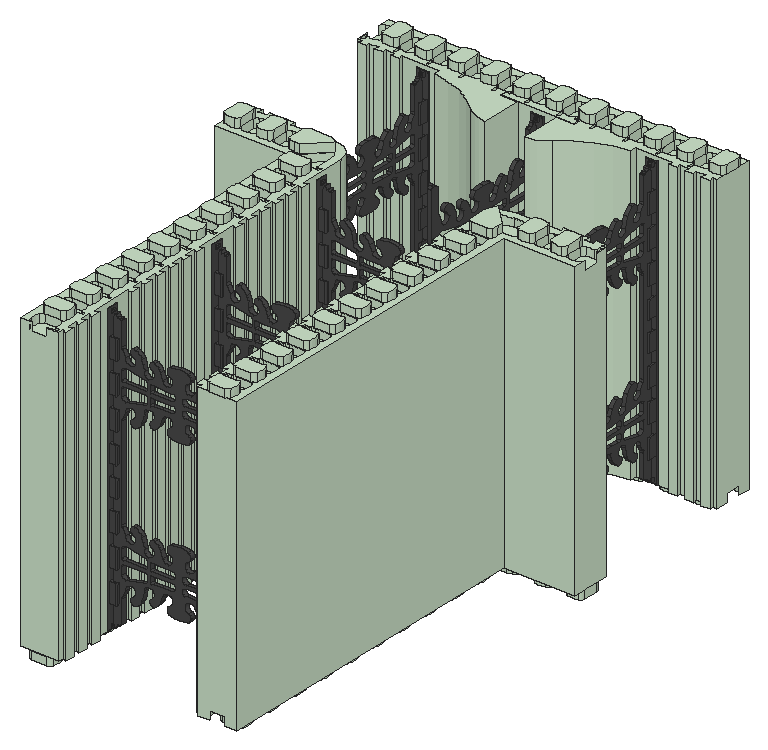
Revit family "ICF- NUDURA 8-inch- Long T Form Unit- Imperial", category Generic Models, Revit 2011 (continued)
Forms (in)
  Extrusion 46, void
    sketch origin (2, 8, 0) x (-1, 0, 0) y (0, -1, 0)
      loop
        line (-3.97692, 25.99998) -> (-4.89808, 25.99998)
        arc (-4.89808, 25.99998) -> (-5.04517, 25.95213) -> (-5.13595, 25.8269) r 0.25
        arc (-5.13595, 25.8269) -> (-5.1875, 25.49998) -> (-5.13595, 25.17306) r 1.0625
    from 0 to 0.5
  Extrusion 47, void
    sketch origin (2, 10, 0) x (-1, 0, 0) y (0, -1, 0)
      loop
        arc (-5.13595, 25.17306) -> (-5.04517, 25.04783) -> (-4.89808, 24.99998) r 0.25
        line (-4.89808, 24.99998) -> (-3.97692, 24.99998)
        arc (-3.97692, 24.99998) -> (-3.82983, 25.04783) -> (-3.73905, 25.17306) r 0.25
        arc (-3.73905, 25.17306) -> (-3.69045, 25.4209) -> (-3.70172, 25.67321) r 1.0625
        arc (-3.70172, 25.67321) -> (-3.68771, 25.72383) -> (-3.64005, 25.7459) r 0.0625
        line (-3.64005, 25.7459) -> (-3.41845, 25.7459) -> (-3.41845, 25.91673) -> (-3.76455, 25.91673)
        arc (-3.76455, 25.91673) -> (-3.78736, 25.92104) -> (-3.80702, 25.93338) r 0.0625
        arc (-3.80702, 25.93338) -> (-3.88568, 25.98274) -> (-3.97692, 25.99998) r 0.25
        line (-3.97692, 25.99998) -> (-4.89808, 25.99998)
        arc (-4.89808, 25.99998) -> (-5.04517, 25.95213) -> (-5.13595, 25.8269) r 0.25
        arc (-5.13595, 25.8269) -> (-5.1875, 25.49998) -> (-5.13595, 25.17306) r 1.0625
    from 0 to 0.5
  Extrusion 48, void
    sketch origin (2, 12, 0) x (-1, 0, 0) y (0, -1, 0)
      loop
        arc (-5.13595, 25.17306) -> (-5.04517, 25.04783) -> (-4.89808, 24.99998) r 0.25
        line (-4.89808, 24.99998) -> (-3.97692, 24.99998)
        arc (-3.97692, 24.99998) -> (-3.82983, 25.04783) -> (-3.73905, 25.17306) r 0.25
        arc (-3.73905, 25.17306) -> (-3.69045, 25.4209) -> (-3.70172, 25.67321) r 1.0625
        arc (-3.70172, 25.67321) -> (-3.68771, 25.72383) -> (-3.64005, 25.7459) r 0.0625
        line (-3.64005, 25.7459) -> (-3.41845, 25.7459) -> (-3.41845, 25.91673) -> (-3.76455, 25.91673)
        arc (-3.76455, 25.91673) -> (-3.78736, 25.92104) -> (-3.80702, 25.93338) r 0.0625
        arc (-3.80702, 25.93338) -> (-3.88568, 25.98274) -> (-3.97692, 25.99998) r 0.25
        line (-3.97692, 25.99998) -> (-4.89808, 25.99998)
        arc (-4.89808, 25.99998) -> (-5.04517, 25.95213) -> (-5.13595, 25.8269) r 0.25
        arc (-5.13595, 25.8269) -> (-5.1875, 25.49998) -> (-5.13595, 25.17306) r 1.0625
    from 0 to 0.5
  Extrusion 49, void
    sketch origin (2, 14, 0) x (-1, 0, 0) y (0, -1, 0)
      loop
        arc (-5.13595, 25.17306) -> (-5.04517, 25.04783) -> (-4.89808, 24.99998) r 0.25
        line (-4.89808, 24.99998) -> (-3.97692, 24.99998)
        arc (-3.97692, 24.99998) -> (-3.82983, 25.04783) -> (-3.73905, 25.17306) r 0.25
        arc (-3.73905, 25.17306) -> (-3.69045, 25.4209) -> (-3.70172, 25.67321) r 1.0625
        arc (-3.70172, 25.67321) -> (-3.68771, 25.72383) -> (-3.64005, 25.7459) r 0.0625
        line (-3.64005, 25.7459) -> (-3.41845, 25.7459) -> (-3.41845, 25.91673) -> (-3.76455, 25.91673)
        arc (-3.76455, 25.91673) -> (-3.78736, 25.92104) -> (-3.80702, 25.93338) r 0.0625
        arc (-3.80702, 25.93338) -> (-3.88568, 25.98274) -> (-3.97692, 25.99998) r 0.25
        line (-3.97692, 25.99998) -> (-4.89808, 25.99998)
        arc (-4.89808, 25.99998) -> (-5.04517, 25.95213) -> (-5.13595, 25.8269) r 0.25
        arc (-5.13595, 25.8269) -> (-5.1875, 25.49998) -> (-5.13595, 25.17306) r 1.0625
    from 0 to 0.5
  Extrusion 50, void
    sketch origin (2, 16, 0) x (-1, 0, 0) y (0, -1, 0)
      loop
        arc (-5.13595, 25.17306) -> (-5.04517, 25.04783) -> (-4.89808, 24.99998) r 0.25
        line (-4.89808, 24.99998) -> (-3.97692, 24.99998)
        arc (-3.97692, 24.99998) -> (-3.82983, 25.04783) -> (-3.73905, 25.17306) r 0.25
        arc (-3.73905, 25.17306) -> (-3.69045, 25.4209) -> (-3.70172, 25.67321) r 1.0625
        arc (-3.70172, 25.67321) -> (-3.68771, 25.72383) -> (-3.64005, 25.7459) r 0.0625
        line (-3.64005, 25.7459) -> (-3.41845, 25.7459) -> (-3.41845, 25.91673) -> (-3.76455, 25.91673)
        arc (-3.76455, 25.91673) -> (-3.78736, 25.92104) -> (-3.80702, 25.93338) r 0.0625
        arc (-3.80702, 25.93338) -> (-3.88568, 25.98274) -> (-3.97692, 25.99998) r 0.25
        line (-3.97692, 25.99998) -> (-4.89808, 25.99998)
        arc (-4.89808, 25.99998) -> (-5.04517, 25.95213) -> (-5.13595, 25.8269) r 0.25
        arc (-5.13595, 25.8269) -> (-5.1875, 25.49998) -> (-5.13595, 25.17306) r 1.0625
    from 0 to 0.5
  Extrusion 51, void
    sketch origin (2.00002, -1.99998, 0) x (0, -1, 0) y (1, 0, 0)
      loop
        arc (5.67323, 3.7017) -> (5.72385, 3.68769) -> (5.74592, 3.64003) r 0.0625
        line (5.74592, 3.64003) -> (5.74592, 3.41844) -> (5.91675, 3.41844) -> (5.91675, 3.76453)
        arc (5.91675, 3.76453) -> (5.92106, 3.78734) -> (5.9334, 3.807) r 0.0625
        arc (5.9334, 3.807) -> (5.98276, 3.88566) -> (6, 3.9769) r 0.25
        line (6, 3.9769) -> (6, 4.89806)
        arc (6, 4.89806) -> (5.95215, 5.04515) -> (5.82692, 5.13593) r 0.25
        arc (5.82692, 5.13593) -> (5.66548, 5.17452) -> (5.5, 5.18748) r 1.0625
        line (5.5, 5.18748) -> (5.1875, 5.18748) -> (3.98039, 3.98037)
        arc (3.98039, 3.98037) -> (4.30482, 3.7636) -> (4.6875, 3.68748) r 1
        line (4.6875, 3.68748) -> (5.5, 3.68748)
        arc (5.5, 3.68748) -> (5.58691, 3.69104) -> (5.67323, 3.7017) r 1.0625
    from 0 to 0.5
  Extrusion 52, void
    sketch origin (33.99998, -1.99998, 0) x (0, 1, 0) y (-1, 0, 0)
      loop
        arc (-5.13595, 25.17306) -> (-5.04517, 25.04783) -> (-4.89808, 24.99998) r 0.25
        line (-4.89808, 24.99998) -> (-3.97692, 24.99998)
        arc (-3.97692, 24.99998) -> (-3.82983, 25.04783) -> (-3.73905, 25.17306) r 0.25
        arc (-3.73905, 25.17306) -> (-3.69045, 25.4209) -> (-3.70172, 25.67321) r 1.0625
        arc (-3.70172, 25.67321) -> (-3.68771, 25.72383) -> (-3.64005, 25.7459) r 0.0625
        line (-3.64005, 25.7459) -> (-3.41845, 25.7459) -> (-3.41845, 25.91673) -> (-3.76455, 25.91673)
        arc (-3.76455, 25.91673) -> (-3.78736, 25.92104) -> (-3.80702, 25.93338) r 0.0625
        arc (-3.80702, 25.93338) -> (-3.88568, 25.98274) -> (-3.97692, 25.99998) r 0.25
        line (-3.97692, 25.99998) -> (-4.89808, 25.99998)
        arc (-4.89808, 25.99998) -> (-5.04517, 25.95213) -> (-5.13595, 25.8269) r 0.25
        arc (-5.13595, 25.8269) -> (-5.1875, 25.49998) -> (-5.13595, 25.17306) r 1.0625
    from 0 to 0.5
  Extrusion 53, void
    sketch origin (35.99998, -1.99998, 0) x (0, 1, 0) y (-1, 0, 0)
      loop
        arc (-5.13595, 25.17306) -> (-5.04517, 25.04783) -> (-4.89808, 24.99998) r 0.25
        line (-4.89808, 24.99998) -> (-3.97692, 24.99998)
        arc (-3.97692, 24.99998) -> (-3.82983, 25.04783) -> (-3.73905, 25.17306) r 0.25
        arc (-3.73905, 25.17306) -> (-3.69045, 25.4209) -> (-3.70172, 25.67321) r 1.0625
        arc (-3.70172, 25.67321) -> (-3.68771, 25.72383) -> (-3.64005, 25.7459) r 0.0625
        line (-3.64005, 25.7459) -> (-3.41845, 25.7459) -> (-3.41845, 25.91673) -> (-3.76455, 25.91673)
        arc (-3.76455, 25.91673) -> (-3.78736, 25.92104) -> (-3.80702, 25.93338) r 0.0625
        arc (-3.80702, 25.93338) -> (-3.88568, 25.98274) -> (-3.97692, 25.99998) r 0.25
        line (-3.97692, 25.99998) -> (-4.89808, 25.99998)
        arc (-4.89808, 25.99998) -> (-5.04517, 25.95213) -> (-5.13595, 25.8269) r 0.25
        arc (-5.13595, 25.8269) -> (-5.1875, 25.49998) -> (-5.13595, 25.17306) r 1.0625
    from 0 to 0.5
  Extrusion 54, void
    sketch origin (15.99998, -0.00002, 0) x (0, -1, 0) y (1, 0, 0)
      loop
        arc (-5.13595, -25.17306) -> (-5.1875, -25.49998) -> (-5.13595, -25.8269) r 1.0625
        arc (-5.13595, -25.8269) -> (-5.04517, -25.95213) -> (-4.89808, -25.99998) r 0.25
        line (-4.89808, -25.99998) -> (-3.97692, -25.99998)
        arc (-3.97692, -25.99998) -> (-3.88568, -25.98274) -> (-3.80702, -25.93338) r 0.25
        arc (-3.80702, -25.93338) -> (-3.78736, -25.92104) -> (-3.76455, -25.91673) r 0.0625
        line (-3.76455, -25.91673) -> (-3.41845, -25.91673) -> (-3.41845, -25.7459) -> (-3.64005, -25.7459)
        arc (-3.64005, -25.7459) -> (-3.68771, -25.72383) -> (-3.70172, -25.67321) r 0.0625
        arc (-3.70172, -25.67321) -> (-3.69045, -25.4209) -> (-3.73905, -25.17306) r 1.0625
        arc (-3.73905, -25.17306) -> (-3.82983, -25.04783) -> (-3.97692, -24.99998) r 0.25
        line (-3.97692, -24.99998) -> (-4.89808, -24.99998)
        arc (-4.89808, -24.99998) -> (-5.04517, -25.04783) -> (-5.13595, -25.17306) r 0.25
    from 18 to 17.5
  Extrusion 55, void
    sketch origin (17.99998, -0.00002, 0) x (0, -1, 0) y (1, 0, 0)
      loop
        arc (-5.13595, -25.17306) -> (-5.1875, -25.49998) -> (-5.13595, -25.8269) r 1.0625
        arc (-5.13595, -25.8269) -> (-5.04517, -25.95213) -> (-4.89808, -25.99998) r 0.25
        line (-4.89808, -25.99998) -> (-3.97692, -25.99998)
        arc (-3.97692, -25.99998) -> (-3.88568, -25.98274) -> (-3.80702, -25.93338) r 0.25
        arc (-3.80702, -25.93338) -> (-3.78736, -25.92104) -> (-3.76455, -25.91673) r 0.0625
        line (-3.76455, -25.91673) -> (-3.41845, -25.91673) -> (-3.41845, -25.7459) -> (-3.64005, -25.7459)
        arc (-3.64005, -25.7459) -> (-3.68771, -25.72383) -> (-3.70172, -25.67321) r 0.0625
        arc (-3.70172, -25.67321) -> (-3.69045, -25.4209) -> (-3.73905, -25.17306) r 1.0625
        arc (-3.73905, -25.17306) -> (-3.82983, -25.04783) -> (-3.97692, -24.99998) r 0.25
        line (-3.97692, -24.99998) -> (-4.89808, -24.99998)
        arc (-4.89808, -24.99998) -> (-5.04517, -25.04783) -> (-5.13595, -25.17306) r 0.25
    from 18 to 17.5
  Extrusion 56, void
    sketch origin (19.99998, -0.00002, 0) x (0, -1, 0) y (1, 0, 0)
      loop
        arc (-5.13595, -25.17306) -> (-5.1875, -25.49998) -> (-5.13595, -25.8269) r 1.0625
        arc (-5.13595, -25.8269) -> (-5.04517, -25.95213) -> (-4.89808, -25.99998) r 0.25
        line (-4.89808, -25.99998) -> (-3.97692, -25.99998)
        arc (-3.97692, -25.99998) -> (-3.88568, -25.98274) -> (-3.80702, -25.93338) r 0.25
        arc (-3.80702, -25.93338) -> (-3.78736, -25.92104) -> (-3.76455, -25.91673) r 0.0625
        line (-3.76455, -25.91673) -> (-3.41845, -25.91673) -> (-3.41845, -25.7459) -> (-3.64005, -25.7459)
        arc (-3.64005, -25.7459) -> (-3.68771, -25.72383) -> (-3.70172, -25.67321) r 0.0625
        arc (-3.70172, -25.67321) -> (-3.69045, -25.4209) -> (-3.73905, -25.17306) r 1.0625
        arc (-3.73905, -25.17306) -> (-3.82983, -25.04783) -> (-3.97692, -24.99998) r 0.25
        line (-3.97692, -24.99998) -> (-4.89808, -24.99998)
        arc (-4.89808, -24.99998) -> (-5.04517, -25.04783) -> (-5.13595, -25.17306) r 0.25
    from 18 to 17.5
  Extrusion 57, void
    sketch origin (21.99998, -0.00002, 0) x (0, -1, 0) y (1, 0, 0)
      loop
        arc (-5.13595, -25.17306) -> (-5.1875, -25.49998) -> (-5.13595, -25.8269) r 1.0625
        arc (-5.13595, -25.8269) -> (-5.04517, -25.95213) -> (-4.89808, -25.99998) r 0.25
        line (-4.89808, -25.99998) -> (-3.97692, -25.99998)
        arc (-3.97692, -25.99998) -> (-3.88568, -25.98274) -> (-3.80702, -25.93338) r 0.25
        arc (-3.80702, -25.93338) -> (-3.78736, -25.92104) -> (-3.76455, -25.91673) r 0.0625
        line (-3.76455, -25.91673) -> (-3.41845, -25.91673) -> (-3.41845, -25.7459) -> (-3.64005, -25.7459)
        arc (-3.64005, -25.7459) -> (-3.68771, -25.72383) -> (-3.70172, -25.67321) r 0.0625
        arc (-3.70172, -25.67321) -> (-3.69045, -25.4209) -> (-3.73905, -25.17306) r 1.0625
        arc (-3.73905, -25.17306) -> (-3.82983, -25.04783) -> (-3.97692, -24.99998) r 0.25
        line (-3.97692, -24.99998) -> (-4.89808, -24.99998)
        arc (-4.89808, -24.99998) -> (-5.04517, -25.04783) -> (-5.13595, -25.17306) r 0.25
    from 18 to 17.5
  Extrusion 58, void
    sketch origin (23.99998, -0.00002, 0) x (0, -1, 0) y (1, 0, 0)
      loop
        arc (-5.13595, -25.17306) -> (-5.1875, -25.49998) -> (-5.13595, -25.8269) r 1.0625
        arc (-5.13595, -25.8269) -> (-5.04517, -25.95213) -> (-4.89808, -25.99998) r 0.25
        line (-4.89808, -25.99998) -> (-3.97692, -25.99998)
        arc (-3.97692, -25.99998) -> (-3.88568, -25.98274) -> (-3.80702, -25.93338) r 0.25
        arc (-3.80702, -25.93338) -> (-3.78736, -25.92104) -> (-3.76455, -25.91673) r 0.0625
        line (-3.76455, -25.91673) -> (-3.41845, -25.91673) -> (-3.41845, -25.7459) -> (-3.64005, -25.7459)
        arc (-3.64005, -25.7459) -> (-3.68771, -25.72383) -> (-3.70172, -25.67321) r 0.0625
        arc (-3.70172, -25.67321) -> (-3.69045, -25.4209) -> (-3.73905, -25.17306) r 1.0625
        arc (-3.73905, -25.17306) -> (-3.82983, -25.04783) -> (-3.97692, -24.99998) r 0.25
        line (-3.97692, -24.99998) -> (-4.89808, -24.99998)
        arc (-4.89808, -24.99998) -> (-5.04517, -25.04783) -> (-5.13595, -25.17306) r 0.25
    from 18 to 17.5
  Extrusion 59, void
    sketch origin (29.99998, -0.00002, 0) x (0, -1, 0) y (1, 0, 0)
      loop
        arc (-5.13595, -25.17306) -> (-5.1875, -25.49998) -> (-5.13595, -25.8269) r 1.0625
        arc (-5.13595, -25.8269) -> (-5.04517, -25.95213) -> (-4.89808, -25.99998) r 0.25
        line (-4.89808, -25.99998) -> (-3.97692, -25.99998)
        arc (-3.97692, -25.99998) -> (-3.88568, -25.98274) -> (-3.80702, -25.93338) r 0.25
        arc (-3.80702, -25.93338) -> (-3.78736, -25.92104) -> (-3.76455, -25.91673) r 0.0625
        line (-3.76455, -25.91673) -> (-3.41845, -25.91673) -> (-3.41845, -25.7459) -> (-3.64005, -25.7459)
        arc (-3.64005, -25.7459) -> (-3.68771, -25.72383) -> (-3.70172, -25.67321) r 0.0625
        arc (-3.70172, -25.67321) -> (-3.69045, -25.4209) -> (-3.73905, -25.17306) r 1.0625
        arc (-3.73905, -25.17306) -> (-3.82983, -25.04783) -> (-3.97692, -24.99998) r 0.25
        line (-3.97692, -24.99998) -> (-4.89808, -24.99998)
        arc (-4.89808, -24.99998) -> (-5.04517, -25.04783) -> (-5.13595, -25.17306) r 0.25
    from 18 to 17.5
  Extrusion 60, void
    sketch origin (31.99998, -0.00002, 0) x (0, -1, 0) y (1, 0, 0)
      loop
        arc (-5.13595, -25.17306) -> (-5.1875, -25.49998) -> (-5.13595, -25.8269) r 1.0625
        arc (-5.13595, -25.8269) -> (-5.04517, -25.95213) -> (-4.89808, -25.99998) r 0.25
        line (-4.89808, -25.99998) -> (-3.97692, -25.99998)
        arc (-3.97692, -25.99998) -> (-3.88568, -25.98274) -> (-3.80702, -25.93338) r 0.25
        arc (-3.80702, -25.93338) -> (-3.78736, -25.92104) -> (-3.76455, -25.91673) r 0.0625
        line (-3.76455, -25.91673) -> (-3.41845, -25.91673) -> (-3.41845, -25.7459) -> (-3.64005, -25.7459)
        arc (-3.64005, -25.7459) -> (-3.68771, -25.72383) -> (-3.70172, -25.67321) r 0.0625
        arc (-3.70172, -25.67321) -> (-3.69045, -25.4209) -> (-3.73905, -25.17306) r 1.0625
        arc (-3.73905, -25.17306) -> (-3.82983, -25.04783) -> (-3.97692, -24.99998) r 0.25
        line (-3.97692, -24.99998) -> (-4.89808, -24.99998)
        arc (-4.89808, -24.99998) -> (-5.04517, -25.04783) -> (-5.13595, -25.17306) r 0.25
    from 18 to 17.5
  Extrusion 61, void
    sketch origin (33.99998, -0.00002, 0) x (0, -1, 0) y (1, 0, 0)
      loop
        arc (-5.13595, -25.17306) -> (-5.1875, -25.49998) -> (-5.13595, -25.8269) r 1.0625
        arc (-5.13595, -25.8269) -> (-5.04517, -25.95213) -> (-4.89808, -25.99998) r 0.25
        line (-4.89808, -25.99998) -> (-3.97692, -25.99998)
        arc (-3.97692, -25.99998) -> (-3.88568, -25.98274) -> (-3.80702, -25.93338) r 0.25
        arc (-3.80702, -25.93338) -> (-3.78736, -25.92104) -> (-3.76455, -25.91673) r 0.0625
        line (-3.76455, -25.91673) -> (-3.41845, -25.91673) -> (-3.41845, -25.7459) -> (-3.64005, -25.7459)
        arc (-3.64005, -25.7459) -> (-3.68771, -25.72383) -> (-3.70172, -25.67321) r 0.0625
        arc (-3.70172, -25.67321) -> (-3.69045, -25.4209) -> (-3.73905, -25.17306) r 1.0625
        arc (-3.73905, -25.17306) -> (-3.82983, -25.04783) -> (-3.97692, -24.99998) r 0.25
        line (-3.97692, -24.99998) -> (-4.89808, -24.99998)
        arc (-4.89808, -24.99998) -> (-5.04517, -25.04783) -> (-5.13595, -25.17306) r 0.25
    from 18 to 17.5
  Extrusion 62, void
    sketch origin (35.99998, -0.00002, 0) x (0, -1, 0) y (1, 0, 0)
      loop
        arc (-5.13595, -25.17306) -> (-5.1875, -25.49998) -> (-5.13595, -25.8269) r 1.0625
        arc (-5.13595, -25.8269) -> (-5.04517, -25.95213) -> (-4.89808, -25.99998) r 0.25
        line (-4.89808, -25.99998) -> (-3.97692, -25.99998)
        arc (-3.97692, -25.99998) -> (-3.88568, -25.98274) -> (-3.80702, -25.93338) r 0.25
        arc (-3.80702, -25.93338) -> (-3.78736, -25.92104) -> (-3.76455, -25.91673) r 0.0625
        line (-3.76455, -25.91673) -> (-3.41845, -25.91673) -> (-3.41845, -25.7459) -> (-3.64005, -25.7459)
        arc (-3.64005, -25.7459) -> (-3.68771, -25.72383) -> (-3.70172, -25.67321) r 0.0625
        arc (-3.70172, -25.67321) -> (-3.69045, -25.4209) -> (-3.73905, -25.17306) r 1.0625
        arc (-3.73905, -25.17306) -> (-3.82983, -25.04783) -> (-3.97692, -24.99998) r 0.25
        line (-3.97692, -24.99998) -> (-4.89808, -24.99998)
        arc (-4.89808, -24.99998) -> (-5.04517, -25.04783) -> (-5.13595, -25.17306) r 0.25
    from 18 to 17.5
  Extrusion 63, void
    sketch origin (-33.99998, -0.00002, 0) x (0, -1, 0) y (1, 0, 0)
      loop
        arc (-5.13595, 25.17306) -> (-5.04517, 25.04783) -> (-4.89808, 24.99998) r 0.25
        line (-4.89808, 24.99998) -> (-3.97692, 24.99998)
        arc (-3.97692, 24.99998) -> (-3.82983, 25.04783) -> (-3.73905, 25.17306) r 0.25
        arc (-3.73905, 25.17306) -> (-3.69045, 25.4209) -> (-3.70172, 25.67321) r 1.0625
        arc (-3.70172, 25.67321) -> (-3.68771, 25.72383) -> (-3.64005, 25.7459) r 0.0625
        line (-3.64005, 25.7459) -> (-3.41845, 25.7459) -> (-3.41845, 25.91673) -> (-3.76455, 25.91673)
        arc (-3.76455, 25.91673) -> (-3.78736, 25.92104) -> (-3.80702, 25.93338) r 0.0625
        arc (-3.80702, 25.93338) -> (-3.88568, 25.98274) -> (-3.97692, 25.99998) r 0.25
        line (-3.97692, 25.99998) -> (-4.89808, 25.99998)
        arc (-4.89808, 25.99998) -> (-5.04517, 25.95213) -> (-5.13595, 25.8269) r 0.25
        arc (-5.13595, 25.8269) -> (-5.1875, 25.49998) -> (-5.13595, 25.17306) r 1.0625
    from 0 to 0.5
  Extrusion 64, void
    sketch origin (-31.99998, -0.00002, 0) x (0, -1, 0) y (1, 0, 0)
      loop
        arc (-5.13595, 25.17306) -> (-5.04517, 25.04783) -> (-4.89808, 24.99998) r 0.25
        line (-4.89808, 24.99998) -> (-3.97692, 24.99998)
        arc (-3.97692, 24.99998) -> (-3.82983, 25.04783) -> (-3.73905, 25.17306) r 0.25
        arc (-3.73905, 25.17306) -> (-3.69045, 25.4209) -> (-3.70172, 25.67321) r 1.0625
        arc (-3.70172, 25.67321) -> (-3.68771, 25.72383) -> (-3.64005, 25.7459) r 0.0625
        line (-3.64005, 25.7459) -> (-3.41845, 25.7459) -> (-3.41845, 25.91673) -> (-3.76455, 25.91673)
        arc (-3.76455, 25.91673) -> (-3.78736, 25.92104) -> (-3.80702, 25.93338) r 0.0625
        arc (-3.80702, 25.93338) -> (-3.88568, 25.98274) -> (-3.97692, 25.99998) r 0.25
        line (-3.97692, 25.99998) -> (-4.89808, 25.99998)
        arc (-4.89808, 25.99998) -> (-5.04517, 25.95213) -> (-5.13595, 25.8269) r 0.25
        arc (-5.13595, 25.8269) -> (-5.1875, 25.49998) -> (-5.13595, 25.17306) r 1.0625
    from 0 to 0.5
  Extrusion 65, void
    sketch origin (-29.99998, -0.00002, 0) x (0, -1, 0) y (1, 0, 0)
      loop
        arc (-5.13595, 25.17306) -> (-5.04517, 25.04783) -> (-4.89808, 24.99998) r 0.25
        line (-4.89808, 24.99998) -> (-3.97692, 24.99998)
        arc (-3.97692, 24.99998) -> (-3.82983, 25.04783) -> (-3.73905, 25.17306) r 0.25
        arc (-3.73905, 25.17306) -> (-3.69045, 25.4209) -> (-3.70172, 25.67321) r 1.0625
        arc (-3.70172, 25.67321) -> (-3.68771, 25.72383) -> (-3.64005, 25.7459) r 0.0625
        line (-3.64005, 25.7459) -> (-3.41845, 25.7459) -> (-3.41845, 25.91673) -> (-3.76455, 25.91673)
        arc (-3.76455, 25.91673) -> (-3.78736, 25.92104) -> (-3.80702, 25.93338) r 0.0625
        arc (-3.80702, 25.93338) -> (-3.88568, 25.98274) -> (-3.97692, 25.99998) r 0.25
        line (-3.97692, 25.99998) -> (-4.89808, 25.99998)
        arc (-4.89808, 25.99998) -> (-5.04517, 25.95213) -> (-5.13595, 25.8269) r 0.25
        arc (-5.13595, 25.8269) -> (-5.1875, 25.49998) -> (-5.13595, 25.17306) r 1.0625
    from 0 to 0.5
  Extrusion 66, void
    sketch origin (-27.99998, -0.00002, 0) x (0, -1, 0) y (1, 0, 0)
      loop
        arc (-5.13595, 25.17306) -> (-5.04517, 25.04783) -> (-4.89808, 24.99998) r 0.25
        line (-4.89808, 24.99998) -> (-3.97692, 24.99998)
        arc (-3.97692, 24.99998) -> (-3.82983, 25.04783) -> (-3.73905, 25.17306) r 0.25
        arc (-3.73905, 25.17306) -> (-3.69045, 25.4209) -> (-3.70172, 25.67321) r 1.0625
        arc (-3.70172, 25.67321) -> (-3.68771, 25.72383) -> (-3.64005, 25.7459) r 0.0625
        line (-3.64005, 25.7459) -> (-3.41845, 25.7459) -> (-3.41845, 25.91673) -> (-3.76455, 25.91673)
        arc (-3.76455, 25.91673) -> (-3.78736, 25.92104) -> (-3.80702, 25.93338) r 0.0625
        arc (-3.80702, 25.93338) -> (-3.88568, 25.98274) -> (-3.97692, 25.99998) r 0.25
        line (-3.97692, 25.99998) -> (-4.89808, 25.99998)
        arc (-4.89808, 25.99998) -> (-5.04517, 25.95213) -> (-5.13595, 25.8269) r 0.25
        arc (-5.13595, 25.8269) -> (-5.1875, 25.49998) -> (-5.13595, 25.17306) r 1.0625
    from 0 to 0.5
  Extrusion 67, void
    sketch origin (-19.99998, -0.00002, 0) x (0, -1, 0) y (1, 0, 0)
      loop
        arc (-5.13595, 25.17306) -> (-5.04517, 25.04783) -> (-4.89808, 24.99998) r 0.25
        line (-4.89808, 24.99998) -> (-3.97692, 24.99998)
        arc (-3.97692, 24.99998) -> (-3.82983, 25.04783) -> (-3.73905, 25.17306) r 0.25
        arc (-3.73905, 25.17306) -> (-3.69045, 25.4209) -> (-3.70172, 25.67321) r 1.0625
        arc (-3.70172, 25.67321) -> (-3.68771, 25.72383) -> (-3.64005, 25.7459) r 0.0625
        line (-3.64005, 25.7459) -> (-3.41845, 25.7459) -> (-3.41845, 25.91673) -> (-3.76455, 25.91673)
        arc (-3.76455, 25.91673) -> (-3.78736, 25.92104) -> (-3.80702, 25.93338) r 0.0625
        arc (-3.80702, 25.93338) -> (-3.88568, 25.98274) -> (-3.97692, 25.99998) r 0.25
        line (-3.97692, 25.99998) -> (-4.89808, 25.99998)
        arc (-4.89808, 25.99998) -> (-5.04517, 25.95213) -> (-5.13595, 25.8269) r 0.25
        arc (-5.13595, 25.8269) -> (-5.1875, 25.49998) -> (-5.13595, 25.17306) r 1.0625
    from 0 to 0.5
  Extrusion 68, void
    sketch origin (-17.99998, -0.00002, 0) x (0, -1, 0) y (1, 0, 0)
      loop
        arc (-5.13595, 25.17306) -> (-5.04517, 25.04783) -> (-4.89808, 24.99998) r 0.25
        line (-4.89808, 24.99998) -> (-3.97692, 24.99998)
        arc (-3.97692, 24.99998) -> (-3.82983, 25.04783) -> (-3.73905, 25.17306) r 0.25
        arc (-3.73905, 25.17306) -> (-3.69045, 25.4209) -> (-3.70172, 25.67321) r 1.0625
        arc (-3.70172, 25.67321) -> (-3.68771, 25.72383) -> (-3.64005, 25.7459) r 0.0625
        line (-3.64005, 25.7459) -> (-3.41845, 25.7459) -> (-3.41845, 25.91673) -> (-3.76455, 25.91673)
        arc (-3.76455, 25.91673) -> (-3.78736, 25.92104) -> (-3.80702, 25.93338) r 0.0625
        arc (-3.80702, 25.93338) -> (-3.88568, 25.98274) -> (-3.97692, 25.99998) r 0.25
        line (-3.97692, 25.99998) -> (-4.89808, 25.99998)
        arc (-4.89808, 25.99998) -> (-5.04517, 25.95213) -> (-5.13595, 25.8269) r 0.25
        arc (-5.13595, 25.8269) -> (-5.1875, 25.49998) -> (-5.13595, 25.17306) r 1.0625
    from 0 to 0.5
  Extrusion 69, void
    sketch origin (-15.99998, -0.00002, 0) x (0, -1, 0) y (1, 0, 0)
      loop
        arc (-5.13595, 25.17306) -> (-5.04517, 25.04783) -> (-4.89808, 24.99998) r 0.25
        line (-4.89808, 24.99998) -> (-3.97692, 24.99998)
        arc (-3.97692, 24.99998) -> (-3.82983, 25.04783) -> (-3.73905, 25.17306) r 0.25
        arc (-3.73905, 25.17306) -> (-3.69045, 25.4209) -> (-3.70172, 25.67321) r 1.0625
        arc (-3.70172, 25.67321) -> (-3.68771, 25.72383) -> (-3.64005, 25.7459) r 0.0625
        line (-3.64005, 25.7459) -> (-3.41845, 25.7459) -> (-3.41845, 25.91673) -> (-3.76455, 25.91673)
        arc (-3.76455, 25.91673) -> (-3.78736, 25.92104) -> (-3.80702, 25.93338) r 0.0625
        arc (-3.80702, 25.93338) -> (-3.88568, 25.98274) -> (-3.97692, 25.99998) r 0.25
        line (-3.97692, 25.99998) -> (-4.89808, 25.99998)
        arc (-4.89808, 25.99998) -> (-5.04517, 25.95213) -> (-5.13595, 25.8269) r 0.25
        arc (-5.13595, 25.8269) -> (-5.1875, 25.49998) -> (-5.13595, 25.17306) r 1.0625
    from 0 to 0.5
  Extrusion 70, void
    sketch origin (-13.99998, -0.00002, 0) x (0, -1, 0) y (1, 0, 0)
      loop
        arc (-5.13595, 25.17306) -> (-5.04517, 25.04783) -> (-4.89808, 24.99998) r 0.25
        line (-4.89808, 24.99998) -> (-3.97692, 24.99998)
        arc (-3.97692, 24.99998) -> (-3.82983, 25.04783) -> (-3.73905, 25.17306) r 0.25
        arc (-3.73905, 25.17306) -> (-3.69045, 25.4209) -> (-3.70172, 25.67321) r 1.0625
        arc (-3.70172, 25.67321) -> (-3.68771, 25.72383) -> (-3.64005, 25.7459) r 0.0625
        line (-3.64005, 25.7459) -> (-3.41845, 25.7459) -> (-3.41845, 25.91673) -> (-3.76455, 25.91673)
        arc (-3.76455, 25.91673) -> (-3.78736, 25.92104) -> (-3.80702, 25.93338) r 0.0625
        arc (-3.80702, 25.93338) -> (-3.88568, 25.98274) -> (-3.97692, 25.99998) r 0.25
        line (-3.97692, 25.99998) -> (-4.89808, 25.99998)
        arc (-4.89808, 25.99998) -> (-5.04517, 25.95213) -> (-5.13595, 25.8269) r 0.25
        arc (-5.13595, 25.8269) -> (-5.1875, 25.49998) -> (-5.13595, 25.17306) r 1.0625
    from 0 to 0.5
  Extrusion 71, solid, material "NUDURA Expanded Polystyrene Foam Insulation"
    sketch origin (2, -2, 0) x (1, 0, 0) y (0, 1, 0)
      loop
        arc (3.98039, -3.98037) -> (3.76362, -4.3048) -> (3.6875, -4.68748) r 1
        line (3.6875, -4.68748) -> (3.6875, -5.49998)
        arc (3.6875, -5.49998) -> (3.70047, -5.66546) -> (3.73905, -5.8269) r 1.0625
        arc (3.73905, -5.8269) -> (3.82983, -5.95213) -> (3.97692, -5.99998) r 0.25
        line (3.97692, -5.99998) -> (4.89808, -5.99998)
        arc (4.89808, -5.99998) -> (5.04517, -5.95213) -> (5.13595, -5.8269) r 0.25
        arc (5.13595, -5.8269) -> (5.17453, -5.66546) -> (5.1875, -5.49998) r 1.0625
        line (5.1875, -5.49998) -> (5.1875, -5.18748) -> (3.98039, -3.98037)
    from 18 to 18.5
  Extrusion 72, solid, material "NUDURA Expanded Polystyrene Foam Insulation"
    sketch origin (0, -2, 0) x (1, 0, 0) y (0, 1, 0)
      loop
        line (-4.6875, -3.68748) -> (-5.5, -3.68748)
        arc (-5.5, -3.68748) -> (-5.66548, -3.70045) -> (-5.82692, -3.73903) r 1.0625
        arc (-5.82692, -3.73903) -> (-5.95215, -3.82981) -> (-6, -3.9769) r 0.25
        line (-6, -3.9769) -> (-6, -4.89806)
        arc (-6, -4.89806) -> (-5.95215, -5.04515) -> (-5.82692, -5.13593) r 0.25
        arc (-5.82692, -5.13593) -> (-5.66548, -5.17452) -> (-5.5, -5.18748) r 1.0625
        line (-5.5, -5.18748) -> (-5.1875, -5.18748) -> (-3.98039, -3.98037)
        arc (-3.98039, -3.98037) -> (-4.30482, -3.7636) -> (-4.6875, -3.68748) r 1
    from 18 to 18.5
  Extrusion 73, solid, material "NUDURA Expanded Polystyrene Foam Insulation"
    sketch origin (0, -2, 0) x (1, 0, 0) y (0, 1, 0)
      loop
        line (-5.1875, -5.18748) -> (-5.1875, -5.49998)
        arc (-5.1875, -5.49998) -> (-5.17453, -5.66546) -> (-5.13595, -5.8269) r 1.0625
        arc (-5.13595, -5.8269) -> (-5.04517, -5.95213) -> (-4.89808, -5.99998) r 0.25
        line (-4.89808, -5.99998) -> (-3.97692, -5.99998)
        arc (-3.97692, -5.99998) -> (-3.82983, -5.95213) -> (-3.73905, -5.8269) r 0.25
        arc (-3.73905, -5.8269) -> (-3.70047, -5.66546) -> (-3.6875, -5.49998) r 1.0625
        line (-3.6875, -5.49998) -> (-3.6875, -4.68748)
        arc (-3.6875, -4.68748) -> (-3.76362, -4.3048) -> (-3.98039, -3.98037) r 1
        line (-3.98039, -3.98037) -> (-5.1875, -5.18748)
    from 0 to -0.5
  Extrusion 74, solid, material "NUDURA Expanded Polystyrene Foam Insulation"
    sketch origin (2, -2, 0) x (1, 0, 0) y (0, 1, 0)
      loop
        arc (6, -3.9769) -> (5.95215, -3.82981) -> (5.82692, -3.73903) r 0.25
        arc (5.82692, -3.73903) -> (5.66548, -3.70045) -> (5.5, -3.68748) r 1.0625
        line (5.5, -3.68748) -> (4.6875, -3.68748)
        arc (4.6875, -3.68748) -> (4.30482, -3.7636) -> (3.98039, -3.98037) r 1
        line (3.98039, -3.98037) -> (5.1875, -5.18748) -> (5.5, -5.18748)
        arc (5.5, -5.18748) -> (5.66548, -5.17452) -> (5.82692, -5.13593) r 1.0625
        arc (5.82692, -5.13593) -> (5.95215, -5.04515) -> (6, -4.89806) r 0.25
        line (6, -4.89806) -> (6, -3.9769)
    from 0 to -0.5
  Extrusion 75, void
    sketch origin (-21.99998, -0.00002, 0) x (0, -1, 0) y (1, 0, 0)
      loop
        arc (-5.13595, 25.17306) -> (-5.04517, 25.04783) -> (-4.89808, 24.99998) r 0.25
        line (-4.89808, 24.99998) -> (-3.97692, 24.99998)
        arc (-3.97692, 24.99998) -> (-3.82983, 25.04783) -> (-3.73905, 25.17306) r 0.25
        arc (-3.73905, 25.17306) -> (-3.69045, 25.4209) -> (-3.70172, 25.67321) r 1.0625
        arc (-3.70172, 25.67321) -> (-3.68771, 25.72383) -> (-3.64005, 25.7459) r 0.0625
        line (-3.64005, 25.7459) -> (-3.41845, 25.7459) -> (-3.41845, 25.91673) -> (-3.76455, 25.91673)
        arc (-3.76455, 25.91673) -> (-3.78736, 25.92104) -> (-3.80702, 25.93338) r 0.0625
        arc (-3.80702, 25.93338) -> (-3.88568, 25.98274) -> (-3.97692, 25.99998) r 0.25
        line (-3.97692, 25.99998) -> (-4.89808, 25.99998)
        arc (-4.89808, 25.99998) -> (-5.04517, 25.95213) -> (-5.13595, 25.8269) r 0.25
        arc (-5.13595, 25.8269) -> (-5.1875, 25.49998) -> (-5.13595, 25.17306) r 1.0625
    from 0 to 0.5
  Extrusion 76, solid, material "NUDURA Expanded Polystyrene Foam Insulation"
    sketch origin (0, 0, 0) x (1, 0, 0) y (0, 1, 0)
      loop
        line (-1.25, 5.625) -> (-1.25, 5.17633) -> (-1, 5.24332) -> (-1, 4.63633) -> (-1.25, 4.69867) -> (-1.25, 4.17633) -> (-1, 4.24332) -> (-1, 3.63633) -> (-1.25, 3.69867) -> (-1.25, 3.25) -> (3.25, 3.25) -> (3.25, 3.69867) -> (3, 3.63633) -> (3, 4.24332) -> (3.25, 4.17633) -> (3.25, 4.69867) -> (3, 4.63633) -> (3, 5.24332) -> (3.25, 5.17633) -> (3.25, 5.625) -> (-1.25, 5.625)
    from 0 to 18
  Extrusion 77, void
    sketch origin (25.99998, -0.00002, 0) x (0, -1, 0) y (1, 0, 0)
      loop
        arc (-5.13595, -25.17306) -> (-5.1875, -25.49998) -> (-5.13595, -25.8269) r 1.0625
        arc (-5.13595, -25.8269) -> (-5.04517, -25.95213) -> (-4.89808, -25.99998) r 0.25
        line (-4.89808, -25.99998) -> (-3.97692, -25.99998)
        arc (-3.97692, -25.99998) -> (-3.88568, -25.98274) -> (-3.80702, -25.93338) r 0.25
        arc (-3.80702, -25.93338) -> (-3.78736, -25.92104) -> (-3.76455, -25.91673) r 0.0625
        line (-3.76455, -25.91673) -> (-3.41845, -25.91673) -> (-3.41845, -25.7459) -> (-3.64005, -25.7459)
        arc (-3.64005, -25.7459) -> (-3.68771, -25.72383) -> (-3.70172, -25.67321) r 0.0625
        arc (-3.70172, -25.67321) -> (-3.69045, -25.4209) -> (-3.73905, -25.17306) r 1.0625
        arc (-3.73905, -25.17306) -> (-3.82983, -25.04783) -> (-3.97692, -24.99998) r 0.25
        line (-3.97692, -24.99998) -> (-4.89808, -24.99998)
        arc (-4.89808, -24.99998) -> (-5.04517, -25.04783) -> (-5.13595, -25.17306) r 0.25
    from 18 to 17.5
  Extrusion 78, void
    sketch origin (27.99998, -0.00002, 0) x (0, -1, 0) y (1, 0, 0)
      loop
        arc (-5.13595, -25.17306) -> (-5.1875, -25.49998) -> (-5.13595, -25.8269) r 1.0625
        arc (-5.13595, -25.8269) -> (-5.04517, -25.95213) -> (-4.89808, -25.99998) r 0.25
        line (-4.89808, -25.99998) -> (-3.97692, -25.99998)
        arc (-3.97692, -25.99998) -> (-3.88568, -25.98274) -> (-3.80702, -25.93338) r 0.25
        arc (-3.80702, -25.93338) -> (-3.78736, -25.92104) -> (-3.76455, -25.91673) r 0.0625
        line (-3.76455, -25.91673) -> (-3.41845, -25.91673) -> (-3.41845, -25.7459) -> (-3.64005, -25.7459)
        arc (-3.64005, -25.7459) -> (-3.68771, -25.72383) -> (-3.70172, -25.67321) r 0.0625
        arc (-3.70172, -25.67321) -> (-3.69045, -25.4209) -> (-3.73905, -25.17306) r 1.0625
        arc (-3.73905, -25.17306) -> (-3.82983, -25.04783) -> (-3.97692, -24.99998) r 0.25
        line (-3.97692, -24.99998) -> (-4.89808, -24.99998)
        arc (-4.89808, -24.99998) -> (-5.04517, -25.04783) -> (-5.13595, -25.17306) r 0.25
    from 18 to 17.5
  Extrusion 79, void
    sketch origin (-23.99998, -0.00002, 0) x (0, -1, 0) y (1, 0, 0)
      loop
        arc (-5.13595, 25.17306) -> (-5.04517, 25.04783) -> (-4.89808, 24.99998) r 0.25
        line (-4.89808, 24.99998) -> (-3.97692, 24.99998)
        arc (-3.97692, 24.99998) -> (-3.82983, 25.04783) -> (-3.73905, 25.17306) r 0.25
        arc (-3.73905, 25.17306) -> (-3.69045, 25.4209) -> (-3.70172, 25.67321) r 1.0625
        arc (-3.70172, 25.67321) -> (-3.68771, 25.72383) -> (-3.64005, 25.7459) r 0.0625
        line (-3.64005, 25.7459) -> (-3.41845, 25.7459) -> (-3.41845, 25.91673) -> (-3.76455, 25.91673)
        arc (-3.76455, 25.91673) -> (-3.78736, 25.92104) -> (-3.80702, 25.93338) r 0.0625
        arc (-3.80702, 25.93338) -> (-3.88568, 25.98274) -> (-3.97692, 25.99998) r 0.25
        line (-3.97692, 25.99998) -> (-4.89808, 25.99998)
        arc (-4.89808, 25.99998) -> (-5.04517, 25.95213) -> (-5.13595, 25.8269) r 0.25
        arc (-5.13595, 25.8269) -> (-5.1875, 25.49998) -> (-5.13595, 25.17306) r 1.0625
    from 0 to 0.5
  Extrusion 80, void
    sketch origin (-25.99998, -0.00002, 0) x (0, -1, 0) y (1, 0, 0)
      loop
        arc (-5.13595, 25.17306) -> (-5.04517, 25.04783) -> (-4.89808, 24.99998) r 0.25
        line (-4.89808, 24.99998) -> (-3.97692, 24.99998)
        arc (-3.97692, 24.99998) -> (-3.82983, 25.04783) -> (-3.73905, 25.17306) r 0.25
        arc (-3.73905, 25.17306) -> (-3.69045, 25.4209) -> (-3.70172, 25.67321) r 1.0625
        arc (-3.70172, 25.67321) -> (-3.68771, 25.72383) -> (-3.64005, 25.7459) r 0.0625
        line (-3.64005, 25.7459) -> (-3.41845, 25.7459) -> (-3.41845, 25.91673) -> (-3.76455, 25.91673)
        arc (-3.76455, 25.91673) -> (-3.78736, 25.92104) -> (-3.80702, 25.93338) r 0.0625
        arc (-3.80702, 25.93338) -> (-3.88568, 25.98274) -> (-3.97692, 25.99998) r 0.25
        line (-3.97692, 25.99998) -> (-4.89808, 25.99998)
        arc (-4.89808, 25.99998) -> (-5.04517, 25.95213) -> (-5.13595, 25.8269) r 0.25
        arc (-5.13595, 25.8269) -> (-5.1875, 25.49998) -> (-5.13595, 25.17306) r 1.0625
    from 0 to 0.5
Cuts and joins
  Extrusion 2, Extrusion 3, Extrusion 4, Extrusion 5, Extrusion 6, Extrusion 7, Extrusion 8, Extrusion 9, Extrusion 10, Extrusion 11, Extrusion 12, Extrusion 13, Extrusion 14, Extrusion 15, Extrusion 16, Extrusion 17, Extrusion 18, Extrusion 19, Extrusion 20, Extrusion 21, Extrusion 22, Extrusion 23, Extrusion 24, Extrusion 25, Extrusion 26, Extrusion 27, Extrusion 28, Extrusion 29, Extrusion 30, Extrusion 31, Extrusion 32, Extrusion 33, Extrusion 34, Extrusion 35, Extrusion 36, Extrusion 37, Extrusion 38, Extrusion 39, Extrusion 40, Extrusion 41, Extrusion 42, Extrusion 43, Extrusion 44, Extrusion 45, Extrusion 46, Extrusion 47, Extrusion 48, Extrusion 49, Extrusion 50, Extrusion 51, Extrusion 52, Extrusion 53, Extrusion 54, Extrusion 55, Extrusion 56, Extrusion 57, Extrusion 58, Extrusion 59, Extrusion 60, Extrusion 61, Extrusion 62, Extrusion 63, Extrusion 64, Extrusion 65, Extrusion 66, Extrusion 67, Extrusion 68, Extrusion 69, Extrusion 70, Extrusion 75, Extrusion 77, Extrusion 78, Extrusion 79, Extrusion 80 cuts Extrusion 1
  Extrusion 58, Extrusion 75, Extrusion 77, Extrusion 78, Extrusion 79, Extrusion 80 cuts Extrusion 76
Lines and regions (in)
  model lines
    curve 1: line (-5.625, -17.99998, 18) -> (-5.625, -17.99998, 0)
    curve 2: line (-2, 5.62502, 18) -> (-2, 5.62502, 0)
    curve 3: line (2, 5.625, 18) -> (2, 5.625, 0)
    curve 4: line (0, 5.625, 0) -> (0, 5.625, 18)
    curve 5: line (-5.625, -19.99998, 0) -> (-5.625, -19.99998, 18)
Dimensions and locks (in)
  locked: plane 8 to level at 18  (x2)
  locked: plane 5 to plane 4 at 8
  locked: plane 7 to plane 6 at 8
  aligned and locked: plane 8 to Extrusion 1
  aligned and locked: Extrusion 1 to level
  aligned and locked: Extrusion 1 to plane 8
  aligned and locked: plane 2 to level
  aligned and locked: nested 67 to cut or joined group 1 (Extrusion 1, Extrusion 2, Extrusion 3, Extrusion 4, Extrusion 5, Extrusion 6, Extrusion 7, Extrusion 8, Extrusion 9, Extrusion 10, Extrusion 11, Extrusion 12, Extrusion 13, Extrusion 14, Extrusion 15, Extrusion 16, Extrusion 17, Extrusion 18, Extrusion 19, Extrusion 20, Extrusion 21, Extrusion 22, Extrusion 23, Extrusion 24, Extrusion 25, Extrusion 26, Extrusion 27, Extrusion 28, Extrusion 29, Extrusion 30, Extrusion 31, Extrusion 32, Extrusion 33, Extrusion 34, Extrusion 35, Extrusion 36, Extrusion 37, Extrusion 38, Extrusion 39, Extrusion 40, Extrusion 41, Extrusion 42, Extrusion 43, Extrusion 44, Extrusion 45, Extrusion 46, Extrusion 47, Extrusion 48, Extrusion 49, Extrusion 50, Extrusion 51, Extrusion 52, Extrusion 53, Extrusion 54, Extrusion 55, Extrusion 56, Extrusion 57, Extrusion 58, Extrusion 59, Extrusion 60, Extrusion 61, Extrusion 62, Extrusion 63, Extrusion 64, Extrusion 65, Extrusion 66, Extrusion 67, Extrusion 68, Extrusion 69, Extrusion 70, Extrusion 75, Extrusion 77, Extrusion 78, Extrusion 79, Extrusion 80)  (x2)
  aligned and locked: cut or joined group 1 to nested 68
  aligned: nested 70 to cut or joined group 1
  aligned and locked: cut or joined group 1 to nested 71
  aligned: cut or joined group 1 to nested 72
  aligned and locked: nested 83 to cut or joined group of Extrusion 58, Extrusion 75, Extrusion 76, Extrusion 77, Extrusion 78, Extrusion 79, Extrusion 80
  aligned and locked: nested 84 to nested 72
Nested families (in)
  nested 1: "Interlock Tooth" at (2, -27.99998, 0) x (0, 1, 0) z (0, 0, 1), type "Interlock Tooth"
  nested 2: "Interlock Tooth" at (2, -25.99998, 0) x (0, 1, 0) z (0, 0, 1), type "Interlock Tooth"
  nested 3: "Interlock Tooth" at (2, -23.99998, 0) x (0, 1, 0) z (0, 0, 1), type "Interlock Tooth"
  nested 4: "Interlock Tooth" at (2, -21.99998, 0) x (0, 1, 0) z (0, 0, 1), type "Interlock Tooth"
  nested 5: "Interlock Tooth" at (2, -19.99998, 0) x (0, 1, 0) z (0, 0, 1), type "Interlock Tooth"
  nested 6: "Interlock Tooth" at (2, -17.99998, 0) x (0, 1, 0) z (0, 0, 1), type "Interlock Tooth"
  nested 7: "Interlock Tooth" at (2, -15.99998, 0) x (0, 1, 0) z (0, 0, 1), type "Interlock Tooth"
  nested 8: "Interlock Tooth" at (2, -13.99998, 0) x (0, 1, 0) z (0, 0, 1), type "Interlock Tooth"
  nested 9: "Interlock Tooth" at (2, -11.99998, 0) x (0, 1, 0) z (0, 0, 1), type "Interlock Tooth"
  nested 10: "Interlock Tooth" at (2, -9.99998, 0) x (0, 1, 0) z (0, 0, 1), type "Interlock Tooth"
  nested 11: "Interlock Tooth" at (0, -26.99998, 0) x (0, 1, 0) z (0, 0, 1), type "Interlock Tooth"
  nested 12: "Interlock Tooth" at (0, -24.99998, 0) x (0, 1, 0) z (0, 0, 1), type "Interlock Tooth"
  nested 13: "Interlock Tooth" at (0, -22.99998, 0) x (0, 1, 0) z (0, 0, 1), type "Interlock Tooth"
  nested 14: "Interlock Tooth" at (0, -20.99998, 0) x (0, 1, 0) z (0, 0, 1), type "Interlock Tooth"
  nested 15: "Interlock Tooth" at (0, -18.99998, 0) x (0, 1, 0) z (0, 0, 1), type "Interlock Tooth"
  nested 16: "Interlock Tooth" at (0, -16.99998, 0) x (0, 1, 0) z (0, 0, 1), type "Interlock Tooth"
  nested 17: "Interlock Tooth" at (0, -14.99998, 0) x (0, 1, 0) z (0, 0, 1), type "Interlock Tooth"
  nested 18: "Interlock Tooth" at (0, -12.99998, 0) x (0, 1, 0) z (0, 0, 1), type "Interlock Tooth"
  nested 19: "Interlock Tooth" at (0, -10.99998, 0) x (0, 1, 0) z (0, 0, 1), type "Interlock Tooth"
  nested 20: "Interlock Tooth" at (0, -8.99998, 0) x (0, 1, 0) z (0, 0, 1), type "Interlock Tooth"
  nested 21: "Interlock Tooth" at (-10, -1.99998, 0), type "Interlock Tooth"
  nested 22: "Interlock Tooth" at (-8, -1.99998, 0), type "Interlock Tooth"
  nested 23: "Interlock Tooth" at (8, -1.99998, 0), type "Interlock Tooth"
  nested 24: "Interlock Tooth" at (10, -1.99998, 0), type "Interlock Tooth"
  nested 25: "Interlock Tooth" at (-9, -1.99998, -18.5), type "Interlock Tooth"
  nested 26: "Interlock Tooth" at (-7, -1.99998, -18.5), type "Interlock Tooth"
  nested 27: "Interlock Tooth" at (11, -1.99998, -18.5), type "Interlock Tooth"
  nested 28: "Interlock Tooth" at (9, -1.99998, -18.5), type "Interlock Tooth"
  nested 29: "Interlock Tooth" at (0, -26.99998, -18.5) x (0, -1, 0) z (0, 0, 1), type "Interlock Tooth"
  nested 30: "Interlock Tooth" at (0, -24.99998, -18.5) x (0, -1, 0) z (0, 0, 1), type "Interlock Tooth"
  nested 31: "Interlock Tooth" at (0, -22.99998, -18.5) x (0, -1, 0) z (0, 0, 1), type "Interlock Tooth"
  nested 32: "Interlock Tooth" at (0, -20.99998, -18.5) x (0, -1, 0) z (0, 0, 1), type "Interlock Tooth"
  nested 33: "Interlock Tooth" at (0, -18.99998, -18.5) x (0, -1, 0) z (0, 0, 1), type "Interlock Tooth"
  nested 34: "Interlock Tooth" at (0, -16.99998, -18.5) x (0, -1, 0) z (0, 0, 1), type "Interlock Tooth"
  nested 35: "Interlock Tooth" at (0, -14.99998, -18.5) x (0, -1, 0) z (0, 0, 1), type "Interlock Tooth"
  nested 36: "Interlock Tooth" at (0, -12.99998, -18.5) x (0, -1, 0) z (0, 0, 1), type "Interlock Tooth"
  nested 37: "Interlock Tooth" at (0, -10.99998, -18.5) x (0, -1, 0) z (0, 0, 1), type "Interlock Tooth"
  nested 38: "Interlock Tooth" at (0, -8.99998, -18.5) x (0, -1, 0) z (0, 0, 1), type "Interlock Tooth"
  nested 39: "Interlock Tooth" at (2, -26.99998, -18.5) x (0, 1, 0) z (0, 0, 1), type "Interlock Tooth"
  nested 40: "Interlock Tooth" at (2, -24.99998, -18.5) x (0, 1, 0) z (0, 0, 1), type "Interlock Tooth"
  nested 41: "Interlock Tooth" at (2, -22.99998, -18.5) x (0, 1, 0) z (0, 0, 1), type "Interlock Tooth"
  nested 42: "Interlock Tooth" at (2, -20.99998, -18.5) x (0, 1, 0) z (0, 0, 1), type "Interlock Tooth"
  nested 43: "Interlock Tooth" at (2, -18.99998, -18.5) x (0, 1, 0) z (0, 0, 1), type "Interlock Tooth"
  nested 44: "Interlock Tooth" at (2, -16.99998, -18.5) x (0, 1, 0) z (0, 0, 1), type "Interlock Tooth"
  nested 45: "Interlock Tooth" at (2, -14.99998, -18.5) x (0, 1, 0) z (0, 0, 1), type "Interlock Tooth"
  nested 46: "Interlock Tooth" at (2, -12.99998, -18.5) x (0, 1, 0) z (0, 0, 1), type "Interlock Tooth"
  nested 47: "Interlock Tooth" at (2, -10.99998, -18.5) x (0, 1, 0) z (0, 0, 1), type "Interlock Tooth"
  nested 48: "Interlock Tooth" at (2, -8.99998, -18.5) x (0, 1, 0) z (0, 0, 1), type "Interlock Tooth"
  nested 49: "Interlock Tooth" at (-8, -0.00002, 0) x (-1, 0, 0) z (0, 0, 1), type "Interlock Tooth"
  nested 50: "Interlock Tooth" at (-9, -0.00002, -18.5) x (-1, 0, 0) z (0, 0, 1), type "Interlock Tooth"
  nested 51: "Interlock Tooth" at (-6, -0.00002, 0) x (-1, 0, 0) z (0, 0, 1), type "Interlock Tooth"
  nested 52: "Interlock Tooth" at (-7, -0.00002, -18.5) x (-1, 0, 0) z (0, 0, 1), type "Interlock Tooth"
  nested 53: "Interlock Tooth" at (-4, -0.00002, 0) x (-1, 0, 0) z (0, 0, 1), type "Interlock Tooth"
  nested 54: "Interlock Tooth" at (-5, -0.00002, -18.5) x (-1, 0, 0) z (0, 0, 1), type "Interlock Tooth"
  nested 55: "Interlock Tooth" at (-2, -0.00002, 0) x (-1, 0, 0) z (0, 0, 1), type "Interlock Tooth"
  nested 56: "Interlock Tooth" at (-3, -0.00002, -18.5) x (-1, 0, 0) z (0, 0, 1), type "Interlock Tooth"
  nested 57: "Interlock Tooth" at (-1, -0.00002, -18.5) x (-1, 0, 0) z (0, 0, 1), type "Interlock Tooth"
  nested 58: "Interlock Tooth" at (6, -0.00002, 0) x (-1, 0, 0) z (0, 0, 1), type "Interlock Tooth"
  nested 59: "Interlock Tooth" at (5, -0.00002, -18.5) x (-1, 0, 0) z (0, 0, 1), type "Interlock Tooth"
  nested 60: "Interlock Tooth" at (8, -0.00002, 0) x (-1, 0, 0) z (0, 0, 1), type "Interlock Tooth"
  nested 61: "Interlock Tooth" at (7, -0.00002, -18.5) x (-1, 0, 0) z (0, 0, 1), type "Interlock Tooth"
  nested 62: "Interlock Tooth" at (10, -0.00002, 0) x (-1, 0, 0) z (0, 0, 1), type "Interlock Tooth"
  nested 63: "Interlock Tooth" at (9, -0.00002, -18.5) x (-1, 0, 0) z (0, 0, 1), type "Interlock Tooth"
  nested 64: "Interlock Tooth" at (12, -0.00002, 0) x (-1, 0, 0) z (0, 0, 1), type "Interlock Tooth"
  nested 65: "Interlock Tooth" at (11, -0.00002, -18.5) x (-1, 0, 0) z (0, 0, 1), type "Interlock Tooth"
  nested 66: "NUDURA Diamond Pattern" at (13.25, -19.99998, 0) x (0, 1, 0) z (0, 0, 1), type "NUDURA Diamond Pattern"
  nested 67: "NUDURA Logo Diamond" at (7.625, -35.99742, 0) x (0, 1, 0) z (0, 0, 1), type "NUDURA Logo Diamond"
  nested 68: "NUDURA Diamond Pattern Missing Two Lines" at (-11.25, -11.99998, 0) x (0, 1, 0) z (0, 0, 1), type "NUDURA Diamond Pattern minus Two lines"
  nested 69: "NUDURA Diamond Pattern Missing Two Lines" at (-10, -2, 0), type "NUDURA Diamond Pattern minus Two lines"
  nested 70: "NUDURA Diamond Pattern Missing Two Lines" at (2, -11.99998, 0) x (0, 1, 0) z (0, 0, 1), type "NUDURA Diamond Pattern minus Two lines"
  nested 71: "NUDURA Diamond Pattern Missing Two Lines" at (12, -13.24998, 0) x (-1, 0, 0) z (0, 0, 1), type "NUDURA Diamond Pattern minus Two lines"
  nested 72: "NUDURA Logo Diamond" at (5.99744, 5.625, 0) x (-1, 0, 0) z (0, 0, 1), type "NUDURA Logo Diamond"
  nested 73: "Interlock Tooth" at (4, -0.00002, 0) x (-1, 0, 0) z (0, 0, 1), type "Interlock Tooth"
  nested 74: "Interlock Tooth" at (2, -0.00002, 0) x (-1, 0, 0) z (0, 0, 1), type "Interlock Tooth"
  nested 75: "Interlock Tooth" at (1, -0.00002, -18.5) x (-1, 0, 0) z (0, 0, 1), type "Interlock Tooth"
  nested 76: "Interlock Tooth" at (3, -0.00002, -18.5) x (-1, 0, 0) z (0, 0, 1), type "Interlock Tooth"
  nested 77: "Interlock Tooth" at (0, -0.00002, 0) x (-1, 0, 0) z (0, 0, 1), type "Interlock Tooth"
  nested 78: "8-inch Insert Web" at (-6, -1, 0), type "8-inch Insert Web"
  nested 79: "8-inch Insert Web" at (8, -1, 0), type "8-inch Insert Web"
  nested 80: "8-inch Insert Web" at (1, -23.99998, 0) x (0, 1, 0) z (0, 0, 1), type "8-inch Insert Web"
  nested 81: "8-inch Insert Web" at (1, -15.99998, 0) x (0, 1, 0) z (0, 0, 1), type "8-inch Insert Web"
  nested 82: "8-inch Insert Web" at (1, -7.99998, 0) x (0, 1, 0) z (0, 0, 1), type "8-inch Insert Web"
  nested 83: "8-inch Insert Web w One Fastening Strip" at (1, -1, 0) x (-1, 0, 0) z (0, 0, 1), type "8-inch Insert Web w One Fastening Strip"
  nested 84: "NUDURA Logo Diamond" at (19.99744, 5.625, 0) x (-1, 0, 0) z (0, 0, 1), type "NUDURA Logo Diamond"
  nested 85: "NUDURA Diamond Pattern" at (-11.25, -19.99998, 0) x (0, 1, 0) z (0, 0, 1), type "NUDURA Diamond Pattern"
  nested 86: "NUDURA Logo Diamond" at (-5.625, -12.00254, 0) x (0, -1, 0) z (0, 0, 1), type "NUDURA Logo Diamond"
Definition of nested family "Interlock Tooth"
  Reference planes (in)
    plane 1 "Center (Front/Back)": y = 0
    plane 2: z = 0
    plane 3 "Center (Left/Right)": x = 0
    plane 4: z = 18
    plane 5: z = 18.5
    plane 6: z = -0.5
  Forms (in)
    Extrusion 1, solid, material "NUDURA Expanded Polystyrene Foam Insulation"
      sketch origin (0, -8.875, 0) x (1, 0, 0) y (0, 1, 0)
        loop
          arc (0, 3.97692) -> (0.04785, 3.82983) -> (0.17308, 3.73905) r 0.25
          arc (0.17308, 3.73905) -> (0.5, 3.6875) -> (0.82692, 3.73905) r 1.0625
          arc (0.82692, 3.73905) -> (0.95215, 3.82983) -> (1, 3.97692) r 0.25
          line (1, 3.97692) -> (1, 4.89808)
          arc (1, 4.89808) -> (0.95215, 5.04517) -> (0.82692, 5.13595) r 0.25
          arc (0.82692, 5.13595) -> (0.5, 5.1875) -> (0.17308, 5.13595) r 1.0625
          arc (0.17308, 5.13595) -> (0.04785, 5.04517) -> (0, 4.89808) r 0.25
          line (0, 4.89808) -> (0, 3.97692)
      from 18 to 18.5
  Dimensions and locks (in)
    locked: plane 4 to level at 18
    locked: plane 4 to plane 5 at 0.5
    locked: plane 6 to level at 0.5
Definition of nested family "8-inch Insert Web"
  Reference planes (in)
    plane 1 "Center (Front/Back)": y = 0
    plane 2: z = 0
    plane 3 "Center (Left/Right)": x = 0
  Forms (in)
    Extrusion 1, solid, material "High Density Polystyrene"
      sketch origin (0, 0, 0) x (0, 1, 0) y (0, 0, 1)
        loop
          line (4.25, 0) -> (4.25, 17.74583)
          arc (4.25, 17.74583) -> (4.22112, 17.72608) -> (4.21, 17.69292) r 0.055
          line (4.21, 17.69292) -> (4.21, 0.05292)
          arc (4.21, 0.05292) -> (4.22112, 0.01975) -> (4.25, 0) r 0.055
        loop
          arc (-4.25, 0) -> (-4.22112, 0.01975) -> (-4.21, 0.05292) r 0.055
          line (-4.21, 0.05292) -> (-4.21, 17.69292)
          arc (-4.21, 17.69292) -> (-4.22112, 17.72608) -> (-4.25, 17.74583) r 0.055
          line (-4.25, 17.74583) -> (-4.25, 0)
      from 0.36328 to -0.36328
